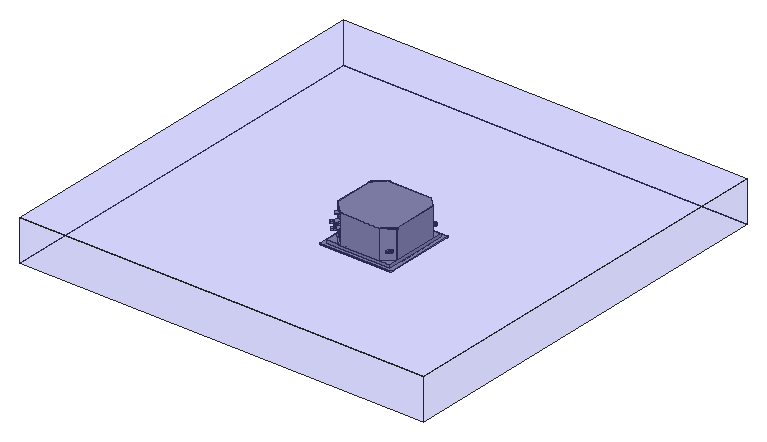
Revit family "SYSIMPLE FCC45A", category Оборудование, Revit 2019 (continued)
Automatic sketch dimensions
  profile plane to Sweep 25 sketch curve = 0 mm  (x2)
  Sweep 25 sketch curve to profile plane = 0 mm
  profile plane to Sweep 25 sketch curve = 1.5 mm
  profile plane to Sweep 25 sketch curve = 6 mm
  Sweep 26 sketch curve to profile plane = 0 mm  (x3)
  profile plane to Sweep 26 sketch curve = 1.5 mm
  profile plane to Sweep 26 sketch curve = 6 mm
  profile plane to Sweep 27 sketch curve = 0 mm
  profile plane to Sweep 27 sketch curve = 1.5 mm  (x2)
  Sweep 27 sketch curve to profile plane = 2 mm
  profile plane to Sweep 28 sketch curve = 0 mm
  Sweep 28 sketch curve to profile plane = 1.5 mm
  profile plane to Sweep 28 sketch curve = 2 mm
  Sweep 28 sketch curve to Sweep 28 sketch curve = 1.5 mm
  level to Extrusion 29 sketch curve = 84.5 mm
  Extrusion 29 sketch curve to Extrusion 29 sketch curve = 50 mm
  Extrusion 29 sketch curve to Extrusion 29 sketch curve = 21 mm
  Extrusion 29 to Extrusion 30 sketch curve = 0 mm  (x3)
  Extrusion 30 sketch curve to Extrusion 29 = 0.001 mm  (x2)
  Extrusion 30 sketch curve to Extrusion 30 sketch curve = 12.5 mm
  Extrusion 30 sketch curve to Extrusion 30 sketch curve = 0.001 mm  (x3)
  Extrusion 30 sketch curve to Extrusion 29 = 5.749 mm
  Extrusion 30 sketch curve to Extrusion 30 sketch curve = 0.499 mm
  Extrusion 30 sketch curve to Extrusion 30 sketch curve = 0.5 mm  (x3)
  Extrusion 30 sketch curve to Extrusion 30 sketch curve = 4.5 mm  (x2)
  Extrusion 30 sketch curve to Extrusion 30 sketch curve = 0 mm  (x4)
  Extrusion 30 sketch curve to Extrusion 30 sketch curve = 1 mm  (x7)
  Extrusion 30 sketch curve to Extrusion 30 sketch curve = 6 mm  (x4)
  Extrusion 30 sketch curve to Extrusion 30 sketch curve = 13 mm
  Extrusion 30 sketch curve to Extrusion 29 = 5.748 mm
  Extrusion 30 sketch curve to Extrusion 30 sketch curve = 4.499 mm
  Extrusion 30 sketch curve to Extrusion 30 sketch curve = 1.001 mm
  Sweep 31 sketch curve to profile plane = 0 mm  (x2)
  Sweep 31 sketch curve to Sweep 31 sketch curve = 1.5 mm
  Sweep 32 sketch curve to profile plane = 0 mm  (x3)
  Sweep 32 sketch curve to Sweep 32 sketch curve = 1.5 mm
  profile plane to Sweep 32 sketch curve = 6 mm
  profile plane to Sweep 33 sketch curve = 0 mm  (x2)
  Sweep 33 sketch curve to profile plane = 0 mm
  Sweep 33 sketch curve to Sweep 33 sketch curve = 1.5 mm
  profile plane to Sweep 33 sketch curve = 6 mm
  Sweep 34 sketch curve to profile plane = 0 mm
  Sweep 34 sketch curve to profile plane = 2 mm
  profile plane to Sweep 34 sketch curve = 1.5 mm
  Sweep 34 sketch curve to profile plane = 1.5 mm
  profile plane to Sweep 35 sketch curve = 0 mm
  Sweep 35 sketch curve to Sweep 35 sketch curve = 1.5 mm
  profile plane to Sweep 35 sketch curve = 1.5 mm
  Sweep 35 sketch curve to profile plane = 2 mm
  level to Extrusion 36 sketch curve = 84.5 mm
  Extrusion 36 sketch curve to Extrusion 36 sketch curve = 50 mm
  Extrusion 36 sketch curve to Extrusion 36 sketch curve = 21 mm
  Extrusion 36 to Extrusion 37 sketch curve = 0 mm
  Extrusion 37 sketch curve to Extrusion 36 = 0 mm  (x2)
  Extrusion 37 sketch curve to Extrusion 36 = 0.001 mm  (x2)
  Extrusion 37 sketch curve to Extrusion 37 sketch curve = 12.5 mm
  Extrusion 37 sketch curve to Extrusion 37 sketch curve = 0.001 mm  (x3)
  Extrusion 37 sketch curve to Extrusion 36 = 5.749 mm
  Extrusion 37 sketch curve to Extrusion 37 sketch curve = 0.499 mm
  Extrusion 37 sketch curve to Extrusion 37 sketch curve = 0.5 mm  (x3)
  Extrusion 37 sketch curve to Extrusion 37 sketch curve = 4.5 mm  (x2)
  Extrusion 37 sketch curve to Extrusion 37 sketch curve = 0 mm  (x4)
  Extrusion 37 sketch curve to Extrusion 37 sketch curve = 1 mm  (x7)
  Extrusion 37 sketch curve to Extrusion 37 sketch curve = 6 mm  (x4)
  Extrusion 37 sketch curve to Extrusion 37 sketch curve = 13 mm
  Extrusion 37 sketch curve to Extrusion 36 = 5.748 mm
  Extrusion 37 sketch curve to Extrusion 37 sketch curve = 4.499 mm
  Extrusion 37 sketch curve to Extrusion 37 sketch curve = 1.001 mm
  profile plane to Sweep 38 sketch curve = 0 mm
  Sweep 38 sketch curve to profile plane = 0 mm
  Sweep 38 sketch curve to Sweep 38 sketch curve = 1.5 mm
  Sweep 39 sketch curve to profile plane = 0 mm  (x3)
  profile plane to Sweep 39 sketch curve = 1.5 mm
  profile plane to Sweep 39 sketch curve = 6 mm
  profile plane to Sweep 40 sketch curve = 0 mm  (x2)
  Sweep 40 sketch curve to profile plane = 0 mm
  profile plane to Sweep 40 sketch curve = 1.5 mm
  profile plane to Sweep 40 sketch curve = 6 mm
  profile plane to Sweep 41 sketch curve = 0 mm
  Sweep 41 sketch curve to profile plane = 1.5 mm  (x2)
  profile plane to Sweep 41 sketch curve = 2 mm
  profile plane to Sweep 42 sketch curve = 0 mm
  Sweep 42 sketch curve to profile plane = 2 mm
  profile plane to Sweep 42 sketch curve = 1.5 mm
  Sweep 42 sketch curve to Sweep 42 sketch curve = 1.5 mm
  plane 1 "中心(前/后)" to Extrusion 43 sketch curve = 260.763 mm
  Extrusion 43 sketch curve to plane 1 "中心(前/后)" = 311.6 mm
  plane 3 "中心(左/右)" to Extrusion 43 sketch curve = 209.925 mm
  Extrusion 43 sketch curve to plane 3 "中心(左/右)" = 363.341 mm
  SweptBlend 44 sketch curve to plane 1 "中心(前/后)" = 25.419 mm
  SweptBlend 44 sketch curve to level = 55 mm
  SweptBlend 44 sketch curve to SweptBlend 44 sketch curve = 26.5 mm
  SweptBlend 44 sketch curve to profile plane = 325 mm
  SweptBlend 44 sketch curve to SweptBlend 44 sketch curve = 15 mm  (x3)
  profile plane to SweptBlend 44 sketch curve = 310 mm  (x2)
  profile plane to SweptBlend 44 sketch curve = 325 mm
  SweptBlend 44 sketch curve to profile plane = 310 mm
  SweptBlend 44 sketch curve to profile plane = 209.192 mm
  SweptBlend 44 sketch curve to SweptBlend 44 sketch curve = 12.186 mm
  SweptBlend 44 sketch curve to SweptBlend 44 sketch curve = 12.192 mm
  profile plane to SweptBlend 44 sketch curve = 196.992 mm  (x2)
  SweptBlend 44 sketch curve to SweptBlend 44 sketch curve = 12.2 mm
  profile plane to SweptBlend 44 sketch curve = 209.192 mm
  SweptBlend 44 sketch curve to profile plane = 196.986 mm
  Extrusion 45 sketch curve to Extrusion 43 = 23.819 mm  (x2)
  Extrusion 45 sketch curve to Extrusion 43 = 38.367 mm
  Extrusion 45 sketch curve to Extrusion 45 sketch curve = 15 mm  (x3)
  Extrusion 45 sketch curve to Extrusion 43 = 23.367 mm  (x2)
  profile plane to Sweep 46 sketch curve = 0 mm
  Sweep 46 sketch curve to profile plane = 0 mm
  profile plane to Sweep 46 sketch curve = 10 mm
  profile plane to Sweep 46 sketch curve = 13.588 mm
  Sweep 46 sketch curve to profile plane = 14.676 mm
  Extrusion 47 sketch curve to Sweep 46 = 2.2 mm
  Extrusion 47 sketch curve to Sweep 46 = 2.186 mm
  Extrusion 48 sketch curve to Extrusion 47 = 34.186 mm  (x2)
  Extrusion 48 sketch curve to Extrusion 48 sketch curve = 0 mm  (x65)
  Extrusion 48 sketch curve to Extrusion 47 = 6.392 mm  (x3)
  Extrusion 48 sketch curve to Extrusion 48 sketch curve = 42.4 mm
  Extrusion 48 sketch curve to Extrusion 48 sketch curve = 1.8 mm  (x5)
  Extrusion 48 sketch curve to Extrusion 47 = 5.892 mm
  Extrusion 48 sketch curve to Extrusion 48 sketch curve = 60 mm
  Extrusion 48 sketch curve to Extrusion 48 sketch curve = 2 mm  (x35)
  Extrusion 48 sketch curve to Extrusion 48 sketch curve = 19 mm  (x2)
  Extrusion 48 sketch curve to Extrusion 47 = 99.192 mm
  Extrusion 48 sketch curve to Extrusion 47 = 36.492 mm
  Extrusion 48 sketch curve to Extrusion 47 = 96.192 mm
  Extrusion 48 sketch curve to Extrusion 47 = 34.192 mm  (x2)
  Extrusion 48 sketch curve to Extrusion 48 sketch curve = 13 mm  (x2)
  Extrusion 48 sketch curve to Extrusion 47 = 31.192 mm
  Extrusion 48 sketch curve to Extrusion 48 sketch curve = 4 mm  (x33)
  Extrusion 49 sketch curve to SweptBlend 44 = 41 mm
  Extrusion 49 sketch curve to SweptBlend 44 = 69.559 mm
  Extrusion 49 sketch curve to Extrusion 49 sketch curve = 9.5 mm
  Extrusion 49 sketch curve to Extrusion 49 sketch curve = 1.971 mm  (x2)
  Extrusion 49 sketch curve to SweptBlend 44 = 45.807 mm
  Extrusion 49 sketch curve to Extrusion 49 sketch curve = 327.059 mm
  Extrusion 49 sketch curve to Extrusion 49 sketch curve = 11.471 mm
  Extrusion 50 sketch curve to SweptBlend 44 = 42 mm
  SweptBlend 44 to Extrusion 50 sketch curve = 68.872 mm
  Extrusion 50 sketch curve to Extrusion 50 sketch curve = 9.5 mm
  Extrusion 50 sketch curve to SweptBlend 44 = 44.802 mm
  Extrusion 50 sketch curve to Extrusion 50 sketch curve = 329.029 mm
  Extrusion 50 sketch curve to Extrusion 50 sketch curve = 1.971 mm
  Extrusion 50 sketch curve to Extrusion 50 sketch curve = 11.471 mm
  Extrusion 50 sketch curve to Extrusion 50 sketch curve = 11.3 mm
  Extrusion 51 sketch curve to SweptBlend 44 = 42 mm
  SweptBlend 44 to Extrusion 51 sketch curve = 68.872 mm
  Extrusion 51 sketch curve to Extrusion 51 sketch curve = 9.5 mm
  Extrusion 51 sketch curve to SweptBlend 44 = 44.802 mm
  Extrusion 51 sketch curve to Extrusion 51 sketch curve = 329.029 mm
  Extrusion 51 sketch curve to Extrusion 51 sketch curve = 1.971 mm
  Extrusion 51 sketch curve to Extrusion 51 sketch curve = 11.471 mm
  Extrusion 51 sketch curve to Extrusion 51 sketch curve = 11.3 mm
  Extrusion 52 sketch curve to SweptBlend 44 = 42 mm
  SweptBlend 44 to Extrusion 52 sketch curve = 68.867 mm
  Extrusion 52 sketch curve to Extrusion 52 sketch curve = 9.5 mm  (x2)
  Extrusion 52 sketch curve to SweptBlend 44 = 33.502 mm
  Extrusion 52 sketch curve to Extrusion 52 sketch curve = 331 mm
  Extrusion 52 sketch curve to Extrusion 52 sketch curve = 11.3 mm  (x2)
  profile plane to Sweep 53 sketch curve = 0 mm
  profile plane to Sweep 53 sketch curve = 31.595 mm
  profile plane to Sweep 53 sketch curve = 1.995 mm
  Sweep 53 sketch curve to Sweep 53 sketch curve = 2 mm
  Sweep 54 sketch curve to profile plane = 0 mm
  profile plane to Sweep 54 sketch curve = 31.6 mm
  profile plane to Sweep 54 sketch curve = 2 mm
  Sweep 54 sketch curve to Sweep 54 sketch curve = 2 mm
  profile plane to Sweep 55 sketch curve = 0 mm
  profile plane to Sweep 55 sketch curve = 31.6 mm
  profile plane to Sweep 55 sketch curve = 2 mm
  Sweep 55 sketch curve to Sweep 55 sketch curve = 2 mm
  profile plane to Sweep 56 sketch curve = 0 mm
  profile plane to Sweep 56 sketch curve = 31.6 mm
  profile plane to Sweep 56 sketch curve = 2 mm
  Sweep 56 sketch curve to Sweep 56 sketch curve = 2 mm
  curve 53 to curve 51 = 185 mm
  curve 52 to curve 51 = 185 mm
  curve 52 to curve 50 = 15 mm  (x2)
  curve 53 to curve 50 = 15 mm
  curve 52 to curve 51 = 15 mm
  curve 53 to curve 51 = 285 mm
  curve 53 to curve 50 = 285 mm
  Sweep 58 sketch curve to Extrusion 47 = 0.441 mm
  Extrusion 47 to Sweep 58 sketch curve = 16.077 mm
  Extrusion 47 to Sweep 58 sketch curve = 11.902 mm
  Sweep 58 sketch curve to Sweep 58 sketch curve = 12.343 mm
  Sweep 58 sketch curve to profile plane = 6.905 mm  (x2)
  profile plane to Sweep 58 sketch curve = 108.817 mm
  Sweep 58 sketch curve to Sweep 58 sketch curve = 16.549 mm
  Extrusion 59 sketch curve to Extrusion 59 sketch curve = 5 mm  (x3)
  Extrusion 59 sketch curve to Extrusion 59 sketch curve = 10 mm  (x2)
  Extrusion 59 sketch curve to Extrusion 59 sketch curve = 8.66 mm  (x3)
  Extrusion 60 sketch curve to Extrusion 59 = 8.66 mm  (x2)
  Extrusion 61 sketch curve to Extrusion 61 sketch curve = 12.124 mm  (x3)
  Extrusion 61 sketch curve to Extrusion 61 sketch curve = 7 mm  (x3)
  Extrusion 61 sketch curve to Extrusion 61 sketch curve = 14 mm  (x2)
  radius of Extrusion 7 sketch curve = 12.5 mm
  radius of Extrusion 8 sketch curve = 12.5 mm
  radius of Extrusion 10 sketch curve = 4.5 mm
  radius of Extrusion 12 sketch curve = 27.5 mm
  radius of Extrusion 13 sketch curve to Extrusion 12 = 14.5 mm
  radius of Extrusion 13 sketch curve to Extrusion 12 = 17 mm
  radius of Extrusion 14 sketch curve = 10 mm
  radius of Extrusion 47 sketch curve to Sweep 46 = 0 mm  (x2)
  radius of Sweep 58 sketch curve = 2 mm  (x2)
  radius of Extrusion 60 sketch curve = 4.5 mm
Nested families
  nested 1: "36" at (-76.708, 25.419, 0), visible <- "Service Area", f <- "Front clearance(mm)", rear <- "Rear clearance(mm)", t <- "Top clearance(mm)", l <- "Left Side clearance(wall side mm)", r <- "Right Side clearance(wall side mm)", type "36"
    with t 50 mm, rear 1500 mm, r 1500 mm, l 1500 mm, f 1500 mm
Connectors
  piping at (-325.107, -217.622, 216.095), diameter 20
    settings: on Extrusion 13, index 1, connector inside diameter 609.6 mm, connector length 0 mm, flow factor 0, pipe flow 0.0 L/s, pressure drop 0.0 Pa, fitting loss kfactor 0, connector angle 0.00°, fixture units 0, engagement length 0 mm, angle of deflection 0.00°, flow configuration 0, flow direction 0, fitting loss method 0, system type 29, joint type 0, gender type 0, connector reference index -1, connector utility 0, adjustable connector no, is connector primary yes, connector description ""
  piping at (-319.912, -269.49, 111), diameter 20
    settings: on Extrusion 11, index 3, connector inside diameter 609.6 mm, connector length 0 mm, flow factor 0, pipe flow 0.0 L/s, pressure drop 0.0 Pa, fitting loss kfactor 0, connector angle 0.00°, fixture units 0, engagement length 0 mm, angle of deflection 0.00°, flow configuration 0, flow direction 0, fitting loss method 0, system type 29, joint type 0, gender type 0, connector reference index -1, connector utility 0, adjustable connector no, is connector primary no, connector description ""
  electrical at (-282.919, -207.075, 70.366)
    settings: on Sweep 58, index 4, voltage 0 V, apparent load 0 VA, apparent load phase1 0 VA, apparent load phase2 0 VA, apparent load phase3 0 VA, power factor 1, load classification "其他", number of poles 1, system type 13, power factor state 1, is connector primary yes, connector utility no, sub classification motor no, connector description ""
  electrical at (-282.919, -207.075, 53.817)
    settings: on Sweep 58, index 5, voltage 220 V, apparent load 0 VA, apparent load phase1 0 VA, apparent load phase2 0 VA, apparent load phase3 0 VA, power factor 1, load classification "Other", number of poles 1, system type 31, power factor state 1, is connector primary no, connector utility no, sub classification motor no, connector description ""
  piping at (-346.78, -242.618, 146), diameter 20
    settings: on Extrusion 61, index 6, connector inside diameter 609.6 mm, connector length 0 mm, flow factor 0, pipe flow 0.0 L/s, pressure drop 0.0 Pa, fitting loss kfactor 0, connector angle 0.00°, fixture units 0, engagement length 0 mm, angle of deflection 0.00°, flow configuration 0, flow direction 0, fitting loss method 0, system type 29, joint type 0, gender type 0, connector reference index -1, connector utility 0, adjustable connector no, is connector primary no, connector description ""
Definition of nested family "36"
  Parameters (values of type "36")
    t [instance] = 840.541 mm
    rear [instance] = 600.42 mm
    r [instance] = 1052 mm
    l [instance] = 880 mm
    f [instance] = 769.715 mm
  Reference planes
    plane 1 "中心(前/后)": y = 0
    plane 2: z = 0
    plane 3 "中心(左/右)": x = 0
    plane 4: x = -1205
    plane 5: x = 1377
    plane 6: x = -325
    plane 7: x = 325
    plane 8: y = 325
    plane 9: y = -325
    plane 10: y = 1094.715
    plane 11: y = -925.42
    plane 12: z = 260
    plane 13: z = 1100.541
  Forms (mm)
    Extrusion 1, solid
      sketch origin (0, 0, 0) x (1, 0, 0) y (0, 1, 0)
        loop
          line (-1205, 1094.715) -> (-1205, -925.42) -> (1377, -925.42) -> (1377, 1094.715) -> (-1205, 1094.715)
      from -60 to 1100.541
  Dimensions and locks
    plane 6 to plane 3 "中心(左/右)" to plane 7 = 325 mm locked, 325 mm locked
    plane 9 to plane 1 "中心(前/后)" to plane 8 = 325 mm locked, 325 mm locked
    "l": plane 4 to plane 6
    "r": plane 7 to plane 5
    "f": plane 8 to plane 10
    "rear": plane 11 to plane 9
    locked: plane 12 to plane 2 at 260
    "t": plane 13 to plane 12
    aligned and locked: level to plane 2
    aligned and locked: Extrusion 1 to plane 13
    aligned and locked: Extrusion 1 sketch curve to plane 10
    aligned and locked: plane 4 to Extrusion 1 sketch curve
    aligned and locked: plane 11 to Extrusion 1 sketch curve
    aligned and locked: Extrusion 1 sketch curve to plane 5
